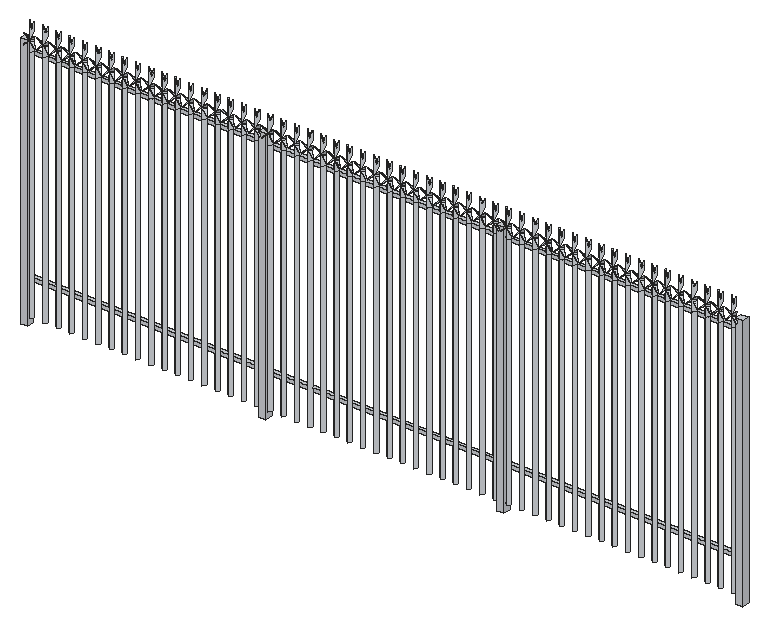
Revit family "Забор Теган-2700х3000", category Ограждение, Revit 2017
Family settings
  Номер OmniClass = 23.25.30.11.14.11
  Заголовок OmniClass = Columns
  Всегда вертикально = Да
  При загрузке вырезать с полостями = Нет
  Общий = Нет
Parameters (values of type "2700x3000")
  Производитель = "ООО \"Теган\""
  Левый_столб [instance] = yes
  Количество_секций [instance] = 3
  Глубина = 80 mm
  Ширина = 80 mm
Reference planes
  plane 1 "По центру (Вперед/Назад)": y = 0
  plane 2: z = 0
  plane 3 "По центру (Влево/Вправо)": x = 0
  plane 4 "Слева": x = -40
  plane 5 "Справа": x = 40
  plane 6 "Назад": y = 40
  plane 7 "Спереди": y = -40
Forms (mm)
  Extrusion 1, solid, visible <- "Левый_столб"
    sketch origin (0, 0, 0) x (1, 0, 0) y (0, 1, 0)
      loop
        line (-40, -40) -> (40, -40) -> (40, 40) -> (-40, 40) -> (-40, -40)
    from 0 to 2900
Dimensions and locks
  equal spacing: plane 4 "Слева", plane 3 "По центру (Влево/Вправо)", plane 5 "Справа"
  equal spacing: plane 7 "Спереди", plane 1 "По центру (Вперед/Назад)", plane 6 "Назад"
  "Ширина": plane 4 "Слева" to plane 5 "Справа"
  "Глубина": plane 7 "Спереди" to plane 6 "Назад"
  equal spacing: group 1, group 2, group 3  (x3)
  aligned and locked: level to plane 2
  aligned and locked: plane 7 "Спереди" to Extrusion 1 sketch curve
Automatic sketch dimensions
  Extrusion 1 sketch curve to plane 4 "Слева" = 0 mm
  Extrusion 1 sketch curve to plane 5 "Справа" = 0 mm
  plane 6 "Назад" to Extrusion 1 sketch curve = 0 mm
Nested families
  nested 1: "Секция Теган-2700х3000" at (0, 0, 0), type "2700x3000"
    with Правый_столб yes, Левый_столб no
  nested 2: "Секция Теган-2700х3000" at (2700, 0, 0), type "2700x3000"
    with Правый_столб yes, Левый_столб no
  nested 3: "Секция Теган-2700х3000" at (5400, 0, 0), type "2700x3000"
    with Правый_столб yes, Левый_столб no
Definition of nested family "Секция Теган-2700х3000"
  Parameters (values of type "2700x3000")
    Правый_столб [instance] = yes
    Отметка_перекладины = Длина_стоек - 200 mm  # 2800 mm
    Левый_столб [instance] = no
    Количество_стоек = (Длина секции - 75 mm) / 150 mm  # 18
    Зазор = 100 mm
    Длина секции = 2700 mm
    Длина поперечины = 2 * 40 mm - Длина секции  # -2620 mm
    Глубина = 80 mm
    Ширина = 80 mm
    Длина_стоек = 3000 mm
    Высота_столба = Длина_стоек - 100 mm  # 2900 mm
    Высота_забора = Длина_стоек + 100 mm  # 3100 mm
  Types (3, lengths in mm): name | Отметка_перекладины | Длина_стоек | Высота_столба | Высота_забора
    2700x2000 | 1800 | 2000 | 1900 | 2100
    2700x2500 | 2300 | 2500 | 2400 | 2600
    2700x3000 | 2800 | 3000 | 2900 | 3100
  Reference planes
    plane 1 "По центру (Вперед/Назад)": y = 0
    plane 2: z = 0
    plane 3 "По центру (Влево/Вправо)": x = 0
    plane 4 "Слева": x = -40
    plane 5 "Справа": x = 40
    plane 6 "Назад": y = 40
    plane 7 "Спереди": y = -40
    plane 8: x = 2700
    plane 9 "Поперечина нижняя": z = 500
    plane 10: z = 2800
    plane 11: x = 75
    plane 12: z = 100
  Forms (mm)
    Extrusion 1, solid, visible <- "Левый_столб"
      sketch origin (0, 0, 0) x (1, 0, 0) y (0, 1, 0)
        loop
          line (-40, -40) -> (40, -40) -> (40, 40) -> (-40, 40) -> (-40, -40)
      from 0 to 2900 <- "Высота_столба"
    Extrusion 2, solid
      sketch origin (40, 0, 0) x (0, -1, 0) y (0, 0, 1)
        loop
          line (-20, 500) -> (-20, 497.5) -> (17.5, 497.5) -> (17.5, 460) -> (20, 460) -> (20, 500) -> (-20, 500)
      from 0 to -2620 <- "Длина поперечины"
    Extrusion 3, solid
      sketch origin (40, 0, 800) x (0, -1, 0) y (0, 0, 1)
        loop
          line (-20, 2000) -> (-20, 1997.5) -> (17.5, 1997.5) -> (17.5, 1960) -> (20, 1960) -> (20, 2000) -> (-20, 2000)
      from 0 to -2620 <- "Длина поперечины"
  Dimensions and locks
    equal spacing: plane 4 "Слева", plane 3 "По центру (Влево/Вправо)", plane 5 "Справа"
    equal spacing: plane 7 "Спереди", plane 1 "По центру (Вперед/Назад)", plane 6 "Назад"
    "Ширина": plane 4 "Слева" to plane 5 "Справа"
    "Глубина": plane 7 "Спереди" to plane 6 "Назад"
    "Длина секции": plane 8 to plane 3 "По центру (Влево/Вправо)"
    plane 2 to plane 9 "Поперечина нижняя" = 500 mm
    "Отметка_перекладины": plane 10 to level
    "Зазор": plane 12 to level
    aligned and locked: level to plane 2
    aligned and locked: plane 7 "Спереди" to Extrusion 1 sketch curve
    aligned and locked: plane 8 to nested 1
  Automatic sketch dimensions
    Extrusion 1 sketch curve to plane 4 "Слева" = 0 mm
    Extrusion 1 sketch curve to plane 5 "Справа" = 0 mm
    plane 6 "Назад" to Extrusion 1 sketch curve = 0 mm
    Extrusion 2 sketch curve to plane 9 "Поперечина нижняя" = 0 mm
    Extrusion 2 sketch curve to plane 1 "По центру (Вперед/Назад)" = 20 mm
    plane 1 "По центру (Вперед/Назад)" to Extrusion 2 sketch curve = 17.5 mm
    Extrusion 2 sketch curve to Extrusion 2 sketch curve = 2.5 mm
    Extrusion 2 sketch curve to plane 9 "Поперечина нижняя" = 2.5 mm
    Extrusion 2 sketch curve to Extrusion 2 sketch curve = 37.5 mm
    Extrusion 3 sketch curve to plane 10 = 0 mm
    plane 1 "По центру (Вперед/Назад)" to Extrusion 3 sketch curve = 17.5 mm
    Extrusion 3 sketch curve to Extrusion 3 sketch curve = 2.5 mm
    Extrusion 3 sketch curve to Extrusion 3 sketch curve = 37.5 mm
    Extrusion 3 sketch curve to plane 10 = 2.5 mm
    Extrusion 3 sketch curve to plane 1 "По центру (Вперед/Назад)" = 20 mm
  Nested families
    nested 1: "Стойка забора" at (2700, 0, 0), visible <- "Правый_столб", type "Столб забора"
      with Высота_стоек 2900 mm
    nested 2: "Стойка вертикальная" at (75, -20, 0), type "3,0 м"
    nested 3: "Стойка вертикальная" at (225, -20, 0), type "3,0 м"
    nested 4: "Стойка вертикальная" at (375, -20, 0), type "3,0 м"
    nested 5: "Стойка вертикальная" at (525, -20, 0), type "3,0 м"
    nested 6: "Стойка вертикальная" at (675, -20, 0), type "3,0 м"
    nested 7: "Стойка вертикальная" at (825, -20, 0), type "3,0 м"
    nested 8: "Стойка вертикальная" at (975, -20, 0), type "3,0 м"
    nested 9: "Стойка вертикальная" at (1125, -20, 0), type "3,0 м"
    nested 10: "Стойка вертикальная" at (1275, -20, 0), type "3,0 м"
    nested 11: "Стойка вертикальная" at (1425, -20, 0), type "3,0 м"
    nested 12: "Стойка вертикальная" at (1575, -20, 0), type "3,0 м"
    nested 13: "Стойка вертикальная" at (1725, -20, 0), type "3,0 м"
    nested 14: "Стойка вертикальная" at (1875, -20, 0), type "3,0 м"
    nested 15: "Стойка вертикальная" at (2025, -20, 0), type "3,0 м"
    nested 16: "Стойка вертикальная" at (2175, -20, 0), type "3,0 м"
    nested 17: "Стойка вертикальная" at (2325, -20, 0), type "3,0 м"
    nested 18: "Стойка вертикальная" at (2475, -20, 0), type "3,0 м"
    nested 19: "Стойка вертикальная" at (2625, -20, 0), type "3,0 м"
  Definition of nested family "Стойка забора"
    Parameters (values of type "Стойка забора")
      Глубина = 80 mm
      Ширина = 80 mm
      Высота_стоек = 1800 mm
    Reference planes
      plane 1 "По центру (Вперед/Назад)": y = 0
      plane 2: z = 0
      plane 3 "По центру (Влево/Вправо)": x = 0
      plane 4 "Слева": x = -40
      plane 5 "Справа": x = 40
      plane 6 "Назад": y = 40
      plane 7 "Спереди": y = -40
    Forms (mm)
      Extrusion 1, solid
        sketch origin (0, 0, 0) x (1, 0, 0) y (0, 1, 0)
          loop
            line (-40, -40) -> (40, -40) -> (40, 40) -> (-40, 40) -> (-40, -40)
        from 0 to 1800 <- "Высота_стоек"
    Dimensions and locks
      equal spacing: plane 4 "Слева", plane 3 "По центру (Влево/Вправо)", plane 5 "Справа"
      equal spacing: plane 7 "Спереди", plane 1 "По центру (Вперед/Назад)", plane 6 "Назад"
      "Ширина": plane 4 "Слева" to plane 5 "Справа"
      "Глубина": plane 7 "Спереди" to plane 6 "Назад"
      aligned and locked: level to plane 2
      aligned and locked: plane 7 "Спереди" to Extrusion 1 sketch curve
    Automatic sketch dimensions
      Extrusion 1 sketch curve to plane 4 "Слева" = 0 mm
      plane 5 "Справа" to Extrusion 1 sketch curve = 0 mm
      plane 6 "Назад" to Extrusion 1 sketch curve = 0 mm
  Definition of nested family "Стойка вертикальная"
    Parameters (values of type "2,5 м")
      Длина- = Длина стойки вертикальной - 300 mm  # 2300 mm
      Длина стойки вертикальной = 2600 mm
    Types (5, lengths in mm): name | Длина- | Длина стойки вертикальной
      2,0 м | 1800 | 2100
      2,5 м | 2300 | 2600
      3,0 м | 2800 | 3100
      0,67 м | 470 | 770
      Стойка вертикальная | 1800 | 2100
    Reference planes
      plane 1 "По центру (Вперед/Назад)": y = 0
      plane 2: z = 0
      plane 3 "По центру (Влево/Вправо)": x = 0
      plane 4: z = 2300
    Forms (mm)
      Extrusion 1, solid
        sketch origin (-73.001, 0, 0) x (1, 0, 0) y (0, 1, 0)
          loop
            line (73.001, -25.456) -> (47.545, 0) -> (46.131, -1.414) -> (73.001, -28.284) -> (99.871, -1.414) -> (98.457, 0) -> (73.001, -25.456)
        from 0 to 2300 <- "Длина-"
      Extrusion 2, solid, not visible
        sketch origin (1.999, 0, 0) x (1, 0, 0) y (0, 1, 0)
          loop
            line (73.001, -25.456) -> (47.545, 0) -> (46.131, -1.414) -> (73.001, -28.284) -> (73.001, -25.456)
        from 630 to 930
      Extrusion 3, void, not visible
        sketch origin (48.13, -1.414, 0) x (0.707107, -0.707107, 0) y (0, 0, 1)
          loop
            line (36, 755) -> (-4, 840.78) -> (-4, 755) -> (36, 755)
          loop
            line (0, 930) -> (18, 862.823) -> (36, 930) -> (0, 930)
          loop
            line (36, 739.666) -> (-4, 739.666) -> (-4, 653.886) -> (36, 739.666)
        from -4.106 to 6.753
      Extrusion 4, solid, not visible
        sketch origin (49.544, 0, 25) x (-0.707107, -0.707107, 0) y (0, 0, 1)
          loop
            line (0, 730) -> (1.385, 728.615) -> (54.418, 781.648) -> (53.033, 783.033) -> (0, 730)
        from -36 to 0
      Extrusion 5, void, not visible
        sketch origin (49.544, 0, 755) x (-0.5, -0.5, 0.707107) y (0.707107, -0.707107, 0)
          loop
            line (75, 0) -> (76.432, 43.261) -> (0, 36) -> (75, 0)
        from -6.189 to 1.489
      Extrusion 6, solid, not visible
        sketch origin (49.544, 0, 1469.666) x (-0.707107, -0.707107, 0) y (0, 0, 1)
          loop
            line (0, -730) -> (53.033, -783.033) -> (54.418, -781.648) -> (1.385, -728.615) -> (0, -730)
        from -36 to 0
      Extrusion 7, void, not visible
        sketch origin (49.544, 0, 739.666) x (-0.5, -0.5, -0.707107) y (-0.707107, 0.707107, 0)
          loop
            line (75, 0) -> (0, -36) -> (76.432, -43.261) -> (75, 0)
        from -6.189 to 1.489
      Extrusion 8, solid, not visible
        sketch origin (148.001, 0, 0) x (-1, 0, 0) y (0, -1, 0)
          loop
            line (73.001, 25.456) -> (73.001, 28.284) -> (46.131, 1.414) -> (47.545, 0) -> (73.001, 25.456)
        from 630 to 930
      Extrusion 9, void, not visible
        sketch origin (101.87, -1.414, 0) x (-0.707107, -0.707107, 0) y (0, 0, -1)
          loop
            line (0, -930) -> (36, -930) -> (18, -862.823) -> (0, -930)
          loop
            line (36, -755) -> (-4, -755) -> (-4, -840.78) -> (36, -755)
          loop
            line (0, -664.464) -> (0, -739.666) -> (35.067, -739.666) -> (0, -664.464)
        from -2 to 0
      Extrusion 10, solid, not visible
        sketch origin (100.456, 0, 25) x (0.707107, -0.707107, 0) y (0, 0, -1)
          loop
            line (0, -730) -> (53.033, -783.033) -> (54.418, -781.648) -> (1.385, -728.615) -> (0, -730)
        from -36 to 0
      Extrusion 11, void, not visible
        sketch origin (100.456, 0, 755) x (0.5, -0.5, 0.707107) y (0.707107, 0.707107, 0)
          loop
            line (75, 0) -> (0, -36) -> (76.432, -43.261) -> (75, 0)
        from -6.189 to 1.489
      Extrusion 12, solid, not visible
        sketch origin (100.456, 0, 1469.666) x (0.707107, -0.707107, 0) y (0, 0, -1)
          loop
            line (0, 730) -> (1.385, 728.615) -> (54.418, 781.648) -> (53.033, 783.033) -> (0, 730)
        from -36 to 0
      Extrusion 13, void, not visible
        sketch origin (100.456, 0, 739.666) x (0.5, -0.5, -0.707107) y (-0.707107, -0.707107, 0)
          loop
            line (75, 0) -> (76.432, 43.261) -> (0, 36) -> (75, 0)
        from -6.189 to 1.489
      Extrusion 14, solid
        sketch origin (26.87, -1.414, 1670) x (-0.707107, -0.707107, 0) y (0, 0, -1)
          loop
            line (36, -930) -> (38, -930) -> (38, -630) -> (0, -630) -> (0, -664.464) -> (35.067, -739.666) -> (0, -739.666) -> (0, -755) -> (36, -755) -> (0, -832.202) -> (0, -930) -> (18, -862.823) -> (36, -930)
        from -2 to 0
      Extrusion 15, void
        sketch origin (26.87, -1.414, 2600) x (0.707107, -0.707107, 0) y (-0.707107, -0.707107, 0)
          loop
            line (0, 38) -> (-2, 38) -> (-2, 36) -> (0, 38)
        from 0 to 300
      Extrusion 16, solid
        sketch origin (25.456, 0, 2425) x (0.5, -0.5, 0.707107) y (0.707107, 0.707107, 0)
          loop
            line (75, 0) -> (0, 0) -> (0, -36) -> (75, 0)
        from -1.959 to 0
      Extrusion 17, solid
        sketch origin (25.456, 0, 2409.666) x (0.5, -0.5, -0.707107) y (-0.707107, -0.707107, 0)
          loop
            line (75, 0) -> (0, 36) -> (0, 0) -> (75, 0)
        from -1.959 to 0
      Extrusion 18, solid
        sketch origin (-26.87, -1.414, 1670) x (0.707107, -0.707107, 0) y (0, 0, 1)
          loop
            line (36, 930) -> (18, 862.823) -> (0, 930) -> (0, 832.202) -> (36, 755) -> (0, 755) -> (0, 739.666) -> (35.067, 739.666) -> (0, 664.464) -> (0, 630) -> (38, 630) -> (38, 930) -> (36, 930)
        from -2 to 0
      Extrusion 19, solid
        sketch origin (-25.456, 0, 2425) x (-0.5, -0.5, 0.707107) y (0.707107, -0.707107, 0)
          loop
            line (75, 0) -> (0, 36) -> (0, 0) -> (75, 0)
        from -1.959 to 0
      Extrusion 20, solid
        sketch origin (-25.456, 0, 2409.666) x (-0.5, -0.5, -0.707107) y (-0.707107, 0.707107, 0)
          loop
            line (75, 0) -> (0, 0) -> (0, -36) -> (75, 0)
        from -1.959 to 0
      Extrusion 21, solid, not visible
        sketch origin (101.87, -1.414, 0) x (-0.707107, -0.707107, 0) y (0, 0, -1)
          loop
            line (36, -930) -> (38, -930) -> (38, -630) -> (0, -630) -> (0, -664.464) -> (35.067, -739.666) -> (0, -739.666) -> (0, -755) -> (36, -755) -> (0, -832.202) -> (0, -930) -> (18, -862.823) -> (36, -930)
        from -2 to 0
      Extrusion 22, void, not visible
        sketch origin (101.87, -1.414, 930) x (0.707107, -0.707107, 0) y (-0.707107, -0.707107, 0)
          loop
            line (0, 38) -> (-2, 38) -> (-2, 36) -> (0, 38)
        from 0 to 300
      Extrusion 23, solid, not visible
        sketch origin (100.456, 0, 755) x (0.5, -0.5, 0.707107) y (0.707107, 0.707107, 0)
          loop
            line (75, 0) -> (0, 0) -> (0, -36) -> (75, 0)
        from -1.959 to 0
      Extrusion 24, solid, not visible
        sketch origin (100.456, 0, 739.666) x (0.5, -0.5, -0.707107) y (-0.707107, -0.707107, 0)
          loop
            line (75, 0) -> (0, 36) -> (0, 0) -> (75, 0)
        from -1.959 to 0
      Extrusion 25, solid, not visible
        sketch origin (48.13, -1.414, 0) x (0.707107, -0.707107, 0) y (0, 0, 1)
          loop
            line (36, 930) -> (18, 862.823) -> (0, 930) -> (0, 832.202) -> (36, 755) -> (0, 755) -> (0, 739.666) -> (35.067, 739.666) -> (0, 664.464) -> (0, 630) -> (38, 630) -> (38, 930) -> (36, 930)
        from -2 to 0
      Extrusion 26, solid, not visible
        sketch origin (49.544, 0, 755) x (-0.5, -0.5, 0.707107) y (0.707107, -0.707107, 0)
          loop
            line (75, 0) -> (0, 36) -> (0, 0) -> (75, 0)
        from -1.959 to 0
      Extrusion 27, solid, not visible
        sketch origin (49.544, 0, 739.666) x (-0.5, -0.5, -0.707107) y (-0.707107, 0.707107, 0)
          loop
            line (75, 0) -> (0, 0) -> (0, -36) -> (75, 0)
        from -1.959 to 0
    Cuts and joins
      Extrusion 15 cuts Extrusion 14
    Dimensions and locks
      "Длина-": plane 4 to plane 2
      aligned and locked: Extrusion 1 to level
      aligned and locked: Extrusion 14 to Extrusion 15
      aligned and locked: Extrusion 21 to Extrusion 22
      aligned and locked: plane 4 to Extrusion 18
    Automatic sketch dimensions
      plane 1 "По центру (Вперед/Назад)" to Extrusion 1 sketch curve = 0 mm  (x2)
      Extrusion 1 sketch curve to plane 3 "По центру (Влево/Вправо)" = 0 mm  (x2)
      Extrusion 1 sketch curve to plane 3 "По центру (Влево/Вправо)" = 25.456 mm
      plane 1 "По центру (Вперед/Назад)" to Extrusion 1 sketch curve = 1.414 mm
      Extrusion 1 sketch curve to Extrusion 1 sketch curve = 1.414 mm
